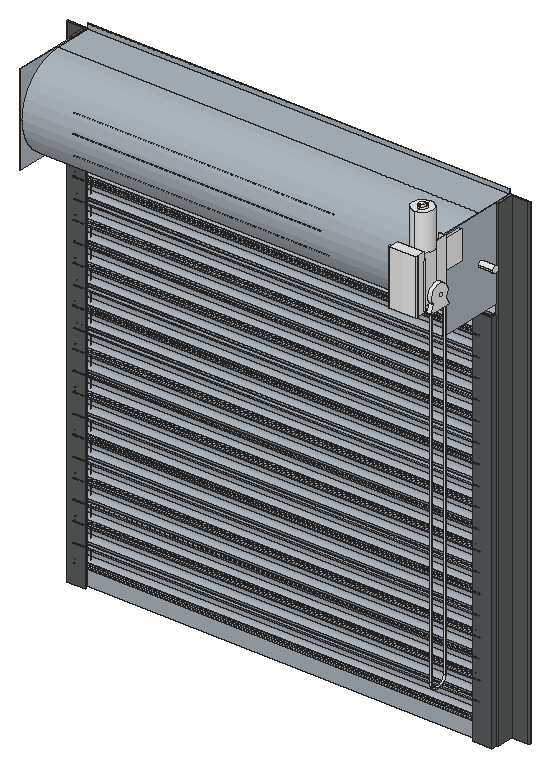
Revit family "Doors_Industrial_Wayne-Dalton_Tornado-Resistant-Shelter-Door-800F_", category Specialty Equipment, host Wall, Revit 2019
Family settings
  Host = Wall
  Round Connector Dimension = Use Diameter
  Part Type = Normal
  OmniClass Number = 23.30.10.21.34
  OmniClass Title = Industrial Doors
  Always vertical = Yes
  Cut with Voids When Loaded = Yes
  Shared = No
  Room Calculation Point = No
Parameters (values of type "115 volts, one phase, 60 Hz (110-120V range)")
  Warning Sign [instance] = if(Calculated Area > 683.00 SF, 1 = 1, 1 = 2)  # no
  Warning (Note) [instance] = if(Warning Sign, "The Door Area is out of the limit; please adjust accordingly. The maximum allowed area is 683 sq. ft.", if(Opening Height > 360", "Headroom Clearance Dimensions - out of the limits. Consult Factory", " "))  # " "
  Wall Thickness [instance] = 6"
  Voltage = 115 V
  True Opening Width [instance] = Clear Width  # 120"
  True Opening Height [instance] = Clear Height  # 120"
  Slat Type [instance] = "6” Curved Slat"  # constant formula
  Slat Material [instance] = Steel - Wayne Dalton - Gray
  Slat Length [instance] = Clear Width + G Value * 2 - 1" / 2 * 2  # 131"
  Slat Height [instance] = 17 251/256"  # constant formula
  Slat [instance] = 1  # constant formula
  Product Page URL = "https://www.wayne-dalton.com/commercial/detail/rolling-storm-shelter-doors"
  Power Factor = 1
  Powder Coat (Note) = "Wayne Dalton also offers approximately 200 RAL powder coat options to complement the exterior colors of a building."  # constant formula
  Opening Width Real [instance] = if(Opening Width > Max Opening Width, Max Opening Width, if(Opening Width < Min Opening Width, Min Opening Width, Opening Width))  # 120"
  Opening Width [instance] = 120"
  Opening Height Real [instance] = if(Opening Height > Max Opening Height, Max Opening Height, if(Opening Height < Min Opening Height, Min Opening Height, Opening Height))  # 120"
  Opening Height [instance] = 120"
  One Array element [instance] = not(Array Vis)  # no
  Number of Poles = 1
  Motor Type [instance] = if(Motor Option < 2, "GCL-GH Front of Hood", if(Motor Option = 2, "GCL-GH Top of Hood", if(Motor Option = 3, "GCL-GH Wall Mount", "GCL-GH Bench Mount")))  # "GCL-GH Front of Hood"
  Motor Selection (Note) [instance] = "Generic operator shown. Contact Wayne Dalton when dimensions are critical. "  # constant formula
  Motor Position [instance] = M Value - G Value  # 6"
  Motor Option Real [instance] = if(Motor Option < 1, 1, if(Motor Option > 4, 4, Motor Option))  # 1
  Motor Option [instance] = 1
  Min Opening Width [instance] = 60"  # constant formula
  Min Opening Height [instance] = 60"  # constant formula
  Max Opening Width [instance] = 192"  # constant formula
  Max Opening Height [instance] = 192"  # constant formula
  M Value [instance] = if(Guide Option < 2, 12", 6 1/2")  # 12"
  Lookup BD [instance] = if(True Opening Height = 60", 20", if(or(True Opening Height = 84", True Opening Height < 84"), 22", if(or(True Opening Height = 108", True Opening Height < 108"), 24", if(or(True Opening Height = 132", True Opening Height < 132"), 26", if(or(True Opening Height = 156", True Opening Height < 156"), 28", if(or(True Opening Height = 180", True Opening Height < 180"), 30", 32"))))))  # 26"
  Jambs Offset [instance] = 0"  # constant formula
  Installation Real [instance] = Wall Thickness  # 6"
  Hood Type [instance] = "Round Hood"  # constant formula
  Hood Offset [instance] = 3"  # constant formula
  Hood Material [instance] = Metal - Wayne Dalton - Gray
  Hood Height [instance] = Headroom Height Real - Hood Offset  # 28"
  Lookup HH [instance] = if(True Opening Height = 60", 22", if(or(True Opening Height = 84", True Opening Height < 84"), 24", if(or(True Opening Height = 108", True Opening Height < 108"), 26", if(or(True Opening Height = 132", True Opening Height < 132"), 28", if(or(True Opening Height = 156", True Opening Height < 156"), 30", if(or(True Opening Height = 180", True Opening Height < 180"), 32", 34"))))))  # 28"
  Headroom Height Real [instance] = Lookup HH + 3"  # 31"
  Headroom Height [instance] = Headroom Height Real + 1 1/2"  # 32 1/2"
  Guide Type [instance] = if(Guide Option < 2, "Angled Z Guide", "Angled E Guide")  # "Angled Z Guide"
  Guide Option [instance] = 1
  Guid Depth [instance] = D Value  # 7 3/4"
  G Value [instance] = 6"  # constant formula
  Frequency = 60 Hz
  Face of Wall Offset [instance] = 5"  # constant formula
  Face Of Wall Mounting [instance] = 1 = 1  # yes
  Door Width True [instance] = Clear Width + M Value * 2  # 144"
  Door Width (Real) [instance] = Clear Width + 1" / 2  # 120 1/2"
  Door Height True [instance] = Clear Width + Headroom Height  # 152 1/2"
  Door Height (Real) [instance] = Clear Height + Hood Offset  # 123"
  URL = "https://www.wayne-dalton.com/"
  Product data url = "https://www.bimobject.com/wayne-dalton/product/Rolling-Steel-Storm-Shelter-Doors-800F-800FR-800FE"
  Product Guid = "a04ebdf7-09ea-4b46-b3cc-19d8dcdac487"
  Model = "800F"  # constant formula
  Manufacturer = "Wayne Dalton"  # constant formula
  Wall Closure = By host
  Floor To (CL) of Shaft [instance] = Clear Height + Hood Height / 2 + Hood Offset  # 137"
  Finish Material = Finish - Wayne Dalton - Black
  Description = "Model 800F Rolling Steel Storm Shelter Door Tested +/-300PSF (ICC-500/FEMA 361), Tornado +/- 250PSF (ICC-500/FEMA 361), Hurricane+/-200PSF (ICC-500/FEMA 361)"  # constant formula
  D Value [instance] = 7 3/4"  # constant formula
  Clear Width [instance] = Opening Width Real  # 120"
  Clear Height [instance] = Opening Height Real  # 120"
  Current = 20 A
  Connector Array Distance = 0"  # constant formula
  Bar [instance] = 1 = 1  # yes
  Backroom Depth [instance] = Lookup BD  # 26"
  BJ Opening Cut [instance] = 0"  # constant formula
  BJ Displacement Real [instance] = 0"  # constant formula
  Array Vis [instance] = if(Array < 2, 1 = 2, 1 = 1)  # yes
  Array Real [instance] = if(Array < 2, 2, Array)  # 7
  Array Length [instance] = (Array) * Slat Height  # 125 221/256"
  Array [instance] = rounddown(([Door Height (Real)] - 5 11/256") / Slat Height) + 1  # 7
  Calculated Area [instance] = [Door Width (Real)] * [Door Height (Real)]  # 102.927 SF
  Apparent Load Phase 3 = if(Number of Poles = 1, 0 VA, (Voltage * Current * sqrt(3)) / 3)  # 0 VA
  Apparent Load Phase 2 = if(Number of Poles = 1, 0 VA, (Voltage * Current * sqrt(3)) / 3)  # 0 VA
  Apparent Load Phase 1 = if(Number of Poles = 1, Voltage * Current, (Voltage * Current * sqrt(3)) / 3)  # 2300 VA
Reference planes (in)
  plane 1 "Center (Front/Back)": y = -14.625
  plane 2 "Center (Left/Right)": x = 0
  plane 3 "Left": x = -60
  plane 4 "Right": x = 60
  plane 5 "Exterior": y = -8.625
  plane 6 "Interior": y = -14.625
  plane 7: x = 72
  plane 8: x = -72
  plane 9: z = 120
  plane 10 "Main": y = -21.73437
  plane 11 "Backroom Depth": y = -32.125
  plane 12 "Main Door Block": y = -6.125
  plane 13 "Bottom Bar": z = 5.04124
  plane 14: y = -22.375
  plane 15: z = 130.90452
  plane 16: z = 151
  plane 17: z = 123
  plane 18: z = 152.5
  plane 19: z = 0
  plane 20: z = 60
  plane 21: y = -20.90625
  plane 22: y = 18.375
  plane 23: y = -41.625
  plane 24 "Headroom Top": z = 152.5
  plane 25: z = 137
  plane 26: x = 66
  plane 27: x = -66
  plane 28: z = 112.92405
Forms (in)
  Extrusion 1, void
    sketch origin (0, -6.125, 0) x (0, 0, -1) y (-1, 0, 0)
      loop
        line (-120, 60) -> (-120, -60) -> (0, -60) -> (0, 60) -> (-120, 60)
    from -8.5 to -2.5
  Extrusion 2, solid, material "Metal - Wayne Dalton - Gray" <- "Hood Material", visible <- "Bar"
    sketch origin (0, 0, 0) x (0, 1, 0) y (0, 0, 1)
      loop
        line (-14.875, 151) -> (-14.625, 151) -> (-14.625, 152.5) -> (-14.875, 152.5) -> (-14.875, 151)
    from -65.625 to 65.625
Lines and regions (in)
  symbolic lines, visible <- "Bar"
    curve 1: line (65.625, -14.625, 0) -> (-65.625, -14.625, 0)
    curve 2: line (-65.625, -14.875, 0) -> (65.625, -14.875, 0)
Text (in)
  text "Exterior" at (-74.96733, 27.31104, 0), in view "Ref. Level"
  text "Interior" at (-74.96733, -25.14366, 0), in view "Ref. Level"
  text "Exterior" at (0, 40.15149, 123.01588), in view "Right"
  text "Interior" at (0, -64.39139, 123.01588), in view "Right"
  text "Interior" at (0, -31.01599, 123.00693), in view "Left"
  text "Exterior" at (0, 54.57065, 123.00693), in view "Left"
Dimensions and locks (in)
  equal spacing: plane 3 "Left", plane 2 "Center (Left/Right)", plane 4 "Right"
  "Clear Width": plane 3 "Left" to plane 4 "Right"
  level to host wall = 459.59655"
  "Clear Height": level to plane 9
  plane 7 to plane 8 = 144"
  equal spacing: plane 7, plane 2 "Center (Left/Right)", plane 8
  locked: plane 13 "Bottom Bar" to level at 5.04124
  "Door Width True": plane 7 to plane 8
  locked: plane 14 to plane 10 "Main" at 0.64063
  "Array Length": plane 15 to plane 13 "Bottom Bar"
  "Backroom Depth": plane 11 "Backroom Depth" to plane 12 "Main Door Block"
  "Hood Height": plane 16 to plane 17
  locked: plane 18 to plane 16 at 1.5
  locked: Extrusion 2 sketch curve to Extrusion 2 sketch curve at 0.25
  "Installation Real": plane 1 "Center (Front/Back)" to plane 5 "Exterior"
  "Wall Thickness": host wall to host wall
  equal spacing: plane 9, plane 20, plane 19
  locked: plane 10 "Main" to plane 21 at 0.82812
  equal spacing: plane 22, host wall, plane 23
  locked: plane 22 to plane 23 at 60
  "BJ Opening Cut": Extrusion 1 sketch curve to plane 9
  locked: Extrusion 2 sketch curve to Extrusion 2 sketch curve at 1.5
  "Hood Offset": plane 17 to plane 9
  "Headroom Height": plane 24 "Headroom Top" to plane 9
  "Floor To (CL) of Shaft": plane 25 to level
  "Jambs Offset": plane 4 "Right" to Extrusion 1 sketch curve
  "Jambs Offset": Extrusion 1 sketch curve to plane 3 "Left"
  "Motor Position": plane 7 to plane 26
  "Motor Position": plane 27 to plane 8
  locked: plane 27 to Extrusion 2 at 0.375
  locked: Extrusion 2 to plane 26 at 0.375
  "Guid Depth": plane 14 to plane 1 "Center (Front/Back)"
  "Slat Height": plane 15 to plane 28
  equal spacing: group 1, group 3, group 4, group 5, group 6, group 7, group 2  (x3)
  aligned and locked: plane 5 "Exterior" to host wall
  aligned and locked: host wall to plane 6 "Interior"
  aligned and locked: level to Extrusion 1 sketch curve
  aligned and locked: Extrusion 1 to plane 5 "Exterior"
  aligned and locked: plane 6 "Interior" to Extrusion 1
  aligned and locked: nested 1 to plane 2 "Center (Left/Right)"
  aligned and locked: plane 16 to nested 2
  aligned and locked: nested 1 to level
  aligned and locked: Extrusion 2 sketch curve to plane 18
  aligned and locked: Extrusion 2 sketch curve to plane 6 "Interior"
  aligned and locked: curve 1 to Extrusion 2  (x2)
  aligned and locked: curve 2 to Extrusion 2  (x2)
  aligned and locked: Extrusion 2 to curve 2
  aligned and locked: nested 2 to plane 5 "Exterior"
  aligned and locked: level to plane 19
  aligned and locked: nested 1 to plane 1 "Center (Front/Back)"
  aligned and locked: plane 2 "Center (Left/Right)" to nested 3
  aligned and locked: nested 3 to plane 22
  aligned and locked: plane 23 to nested 4
  aligned and locked: nested 4 to plane 2 "Center (Left/Right)"
  aligned and locked: nested 5 to plane 20
  aligned and locked: plane 2 "Center (Left/Right)" to nested 5
  aligned and locked: nested 2 to plane 26
  aligned and locked: plane 13 "Bottom Bar" to nested 6
  aligned and locked: plane 28 to nested 8
  aligned and locked: nested 8 to plane 21
  aligned and locked: plane 21 to nested 6
  aligned and locked: plane 13 "Bottom Bar" to nested 7
  aligned and locked: plane 21 to nested 7
  aligned and locked: nested 5 to plane 21
Automatic sketch dimensions
  curve 1 to curve 2 = 0"
Nested families (in)
  nested 1: "Lifts" at (0, -14.625, 0), type "Frame Unit"
    with Round Hood yes
  nested 2: "Motor" at (64.56, -48.505, 135.25), type "Trolley Motor"
    with Wall Mount RSX no, Horizontal Mount 7.88", Vertical Mount 15 3/4", Motor Option 1, Hood Width Real 26", Hood Mount 0.37", Face+Top yes, Face Mount RSX yes, Face + Top + Bench yes
  nested 3: "Label Annotation 1" at (0, 18.375, 0), visible <- "Warning Sign", type "Label Annotation 1"
  nested 4: "Label Annotation 1" at (0, -41.625, 0) x (-1, 0, 0) z (0, 0, 1), visible <- "Warning Sign", type "Label Annotation 1"
  nested 5: "Warning Sign" at (0, -20.90625, 60), visible <- "Warning Sign", type "Warning Sign"
    with Warning Sign no
  nested 6: "610F" at (0, -20.90625, 5.04124), Opening Width <- "Slat Length", visible <- "Array Vis", type "Standard - Gray"
    with Slat Width 1.438", Slat Position 17.979", Opening Width 131"
  nested 7: "610F" at (0, -20.90625, 5.04124), visible <- "One Array element", Opening Width <- "Slat Length", type "Standard - Gray"
    with Slat Width 1.438", Slat Position 17.979", Opening Width 131"
  nested 8: "610F" at (0, -20.90625, 112.92405), Opening Width <- "Slat Length", visible <- "Array Vis", type "Standard - Gray"
    with Slat Width 1.438", Slat Position 17.979", Opening Width 131"
  nested 9: "610F" at (0, -20.90625, 23.02171), Opening Width <- "Slat Length", visible <- "Array Vis", type "Standard - Gray"
    with Slat Width 1.438", Slat Position 17.979", Opening Width 131"
  nested 10: "610F" at (0, -20.90625, 41.00218), Opening Width <- "Slat Length", visible <- "Array Vis", type "Standard - Gray"
    with Slat Width 1.438", Slat Position 17.979", Opening Width 131"
  nested 11: "610F" at (0, -20.90625, 58.98265), Opening Width <- "Slat Length", visible <- "Array Vis", type "Standard - Gray"
    with Slat Width 1.438", Slat Position 17.979", Opening Width 131"
  nested 12: "610F" at (0, -20.90625, 76.96311), Opening Width <- "Slat Length", visible <- "Array Vis", type "Standard - Gray"
    with Slat Width 1.438", Slat Position 17.979", Opening Width 131"
  nested 13: "610F" at (0, -20.90625, 94.94358), Opening Width <- "Slat Length", visible <- "Array Vis", type "Standard - Gray"
    with Slat Width 1.438", Slat Position 17.979", Opening Width 131"
Connectors (in)
  electrical at (67.548, -46.92906, 143.05), driven by "Apparent Load Phase 1", driven by "Power Factor", driven by "Voltage", driven by "Apparent Load Phase 2", driven by "Apparent Load Phase 3", driven by "Number of Poles"
    settings: on nested 2, index 1, voltage 115 V, apparent load 0 VA, apparent load phase1 2300 VA, apparent load phase2 0 VA, apparent load phase3 0 VA, power factor 1, load classification "Other", number of poles 1, system type 31, power factor state 1, is connector primary yes, connector utility no, sub classification motor no, connector description "Electrical Connector"
Definition of nested family "Lifts"
  Parameters (values of type "Frame Unit")
    Void Height = if(Guide Option < 2, 0", Headroom Height Real)  # 0"
    True Width = Opening Width + 1/2"  # 120 1/2"
    Rounding 2 = Guide Thickness 2 - 0.031"  # 0.469"
    Rounding 1 = Guide Thickness 1 - 0.031"  # 0.344"
    Round Hood [instance] = 1 = 1  # yes
    Rough Width = 0"
    Rough Height = 0"
    Main Bracket Profile Height = 5" + 1 3/4"  # 6 3/4"
    M Value = 13"
    Inner Profile Height = 4"  # constant formula
    Hood Offset = 3"
    Hood Height = Headroom Height Real - Hood Offset  # 28"
    Headroom Height Real = Headroom Height  # 31"
    Half Hood Height = Headroom Height - Hood Offset  # 28"
    Guide Thickness 2 = 1/2"  # constant formula
    Guide Thickness 1 = 3/8"  # constant formula
    G Value = 6"
    E Guide Width = if(Guide Option < 2, 6", 6")  # 6"
    E Guide Height = 6"  # constant formula
    Z Guide = if(Guide Option < 2, 1 = 1, 1 = 2)  # yes
    Slat Material = none
    Shaft Offset = (Header Width - (Header Width - Hood Height)) / 2  # 14"
    Shaft Material = none
    Shaft Length 2 = G Value + 4 3/4"  # 10 3/4"
    Shaft Length 1 = G Value + 4 3/4"  # 10 3/4"
    Setback = 1/4"  # constant formula
    Radius Hood = Shaft Offset  # 14"
    Opening Width = 120"
    Hood Material = none
    Headroom Height = 31"
    Header Width = 26"
    Opening Height = 120"
    Guide Type = if(Guide Option = 1, "Angled Z Guide", "Angled E Guide")  # "Angled Z Guide"
    Guide Option = 1
    Guide Offset = BJ Displacement + G Value  # 6"
    Guide Z Wide = if(Guide Option < 2, M Value - G Value, 6")  # 7"
    Guide Z Height = 6"  # constant formula
    Floor To (CL) of Shaft = 137"
    Finish Material = none
    Face to Wall Mount = not(Between Jambs)  # yes
    E Guide = not(Z Guide)  # no
    D Value = 7 3/4"
    Between Jambs = 1 = 2  # no
    BJ Position = 0"  # constant formula
    BJ Displacement = if(Guide Option < 2, 0", Guide Thickness 2)  # 0"
    BJ Connection Length = 1 / 3 * BJ Displacement  # 0"
    Angled Guide = 1 = 1  # yes
  Reference planes (in)
    plane 1 "Center (Front/Back)": y = 0
    plane 2: z = 0
    plane 3 "Center (Left/Right)": x = 0
    plane 4 "Opening Height": z = 120
    plane 5: x = -70.75
    plane 6: x = 70.75
    plane 7: z = 151
    plane 8: y = 26
    plane 9 "Real Opening 2": x = -60
    plane 10 "Real Opening 1": x = 60
    plane 11: z = 123
    plane 12 "Main": y = 0
    plane 13: z = 137
    plane 14: y = 12
    plane 15: x = 66
    plane 16: x = -66
    plane 17: x = -66
    plane 18: x = 66
    plane 19: y = 7.75
    plane 20: x = -65.625
    plane 21: x = 65.625
    plane 22: z = 152.5
    plane 23: y = 7.75
    plane 24: y = 5.75
    plane 25: y = 7.75
    plane 26: y = 5.75
  Forms (in)
    Extrusion 1, solid, material <- "Slat Material"
      sketch origin (0, 0, 0) x (0, 1, 0) y (0, 0, 1)
        loop
          line (6.25, 4.72874) -> (6.25, 5.35374) -> (5.25, 5.35374) -> (5.25, 4.72874) -> (6.25, 4.72874)
      from -65.625 to 65.625
    Extrusion 2, solid, material <- "Slat Material"
      sketch origin (0, 0, 0) x (0, 1, 0) y (0, 0, 1)
        loop
          line (6.25, 4.72874) -> (5.25, 4.72874) -> (5.25, 0) -> (6.25, 0) -> (6.25, 4.72874)
      from -65.625 to 65.625
    Extrusion 3, solid, material <- "Shaft Material"
      sketch origin (0, -5.35201, 0) x (0, 1, 0) y (0, 0, 1)
        loop
          circle (17.35201, 137) r 1
      from -70.75 to 70.75
    Extrusion 4, solid, material <- "Hood Material", visible <- "Round Hood"
      sketch origin (0, 0, 0) x (0, 1, 0) y (0, 0, 1)
        loop
          line (0, 151) -> (0, 123) -> (12, 123)
          arc (12, 123) -> (26, 137) -> (12, 151) r 14
          line (12, 151) -> (0, 151)
      from -65.625 to 65.625
    Extrusion 5, solid, material <- "Finish Material", visible <- "E Guide"
      sketch origin (0, 0, 0) x (1, 0, 0) y (0, 1, 0)
        loop
          line (60, 0) -> (66, 0) -> (66, 6) -> (65.969, 6)
          arc (65.969, 6) -> (65.63737, 5.86263) -> (65.5, 5.531) r 0.469
          line (65.5, 5.531) -> (65.5, 0.5) -> (60.469, 0.5)
          arc (60.469, 0.5) -> (60.13737, 0.36263) -> (60, 0.031) r 0.469
          line (60, 0.031) -> (60, 0)
        loop
          line (-60, 0) -> (-60, 0.031)
          arc (-60, 0.031) -> (-60.13737, 0.36263) -> (-60.469, 0.5) r 0.469
          line (-60.469, 0.5) -> (-65.5, 0.5) -> (-65.5, 5.531)
          arc (-65.5, 5.531) -> (-65.63737, 5.86263) -> (-65.969, 6) r 0.469
          line (-65.969, 6) -> (-66, 6) -> (-66, 0) -> (-60, 0)
      from 0 to 151
    Extrusion 6, solid, material <- "Finish Material", visible <- "Z Guide"
      sketch origin (0, 0, 0) x (1, 0, 0) y (0, 1, 0)
        loop
          line (73, 0) -> (73, 0.031)
          arc (73, 0.031) -> (72.86263, 0.36263) -> (72.531, 0.5) r 0.469
          line (72.531, 0.5) -> (66.5, 0.5) -> (66.5, 5.531)
          arc (66.5, 5.531) -> (66.36263, 5.86263) -> (66.031, 6) r 0.469
          line (66.031, 6) -> (66, 6) -> (66, 0) -> (73, 0)
        loop
          line (-73, 0) -> (-66, 0) -> (-66, 6) -> (-66.031, 6)
          arc (-66.031, 6) -> (-66.36263, 5.86263) -> (-66.5, 5.531) r 0.469
          line (-66.5, 5.531) -> (-66.5, 0.5) -> (-72.531, 0.5)
          arc (-72.531, 0.5) -> (-72.86263, 0.36263) -> (-73, 0.031) r 0.469
          line (-73, 0.031) -> (-73, 0)
      from 0 to 151
    Extrusion 7, solid, material <- "Finish Material", visible <- "Angled Guide"
      sketch origin (0, 0, 0) x (1, 0, 0) y (0, 1, 0)
        loop
          line (60.25, 7.75) -> (60.25, 7.719)
          arc (60.25, 7.719) -> (60.35076, 7.47576) -> (60.594, 7.375) r 0.344
          line (60.594, 7.375) -> (60.75, 7.375) -> (60.75, 6.625) -> (62.25, 6.625) -> (62.25, 7.375) -> (65.625, 7.375) -> (65.625, 4.125) -> (62.75, 4.125) -> (62.75, 4.875) -> (60.75, 4.875) -> (60.75, 4.094)
          arc (60.75, 4.094) -> (60.85076, 3.85076) -> (61.094, 3.75) r 0.344
          line (61.094, 3.75) -> (65.25, 3.75) -> (65.25, 1) -> (66, 1) -> (66, 7.75) -> (60.25, 7.75)
        loop
          line (-60.25, 7.75) -> (-66, 7.75) -> (-66, 1) -> (-65.25, 1) -> (-65.25, 3.75) -> (-61.094, 3.75)
          arc (-61.094, 3.75) -> (-60.85076, 3.85076) -> (-60.75, 4.094) r 0.344
          line (-60.75, 4.094) -> (-60.75, 4.875) -> (-62.75, 4.875) -> (-62.75, 4.125) -> (-65.625, 4.125) -> (-65.625, 7.375) -> (-62.25, 7.375) -> (-62.25, 6.625) -> (-60.75, 6.625) -> (-60.75, 7.375) -> (-60.594, 7.375)
          arc (-60.594, 7.375) -> (-60.35076, 7.47576) -> (-60.25, 7.719) r 0.344
          line (-60.25, 7.719) -> (-60.25, 7.75)
      from 0 to 120
    Extrusion 8, solid, material <- "Hood Material"
      sketch origin (0, 0, 0) x (-1, 0, 0) y (0, 0, 1)
        loop
          line (65.625, 123) -> (66, 123) -> (66, 151) -> (65.625, 151) -> (65.625, 123)
        loop
          line (-66, 123) -> (-65.625, 123) -> (-65.625, 151) -> (-66, 151) -> (-66, 123)
      from 0 to 26
    Extrusion 9, void
      sketch origin (0, -63.05955, 151) x (1, 0, 0) y (0, -1, 0)
        loop
          line (-66, -63.05955) -> (-66, -63.55955) -> (-60.469, -63.55955)
          arc (-60.469, -63.55955) -> (-60.13737, -63.42218) -> (-60, -63.09055) r 0.469
          line (-60, -63.09055) -> (-60, -63.05955) -> (-66, -63.05955)
        loop
          line (66, -63.05955) -> (60, -63.05955) -> (60, -63.09055)
          arc (60, -63.09055) -> (60.13737, -63.42218) -> (60.469, -63.55955) r 0.469
          line (60.469, -63.55955) -> (66, -63.55955) -> (66, -63.05955)
      from 0 <- "Void Height" to -1.5
  Cuts and joins
    Extrusion 9 cuts Extrusion 4
    Extrusion 9 cuts Extrusion 8
  Lines and regions (in)
    Masking region 1
      outline origin (0, 0, 0) x (1, 0, 0) y (0, 1, 0)
        loop
          line (70.75, 13) -> (66, 13) -> (66, 11) -> (70.75, 11) -> (70.75, 13)
        loop
          line (-70.75, 11) -> (-66, 11) -> (-66, 13) -> (-70.75, 13) -> (-70.75, 11)
    Masking region 2
      outline origin (0, 0, 0) x (1, 0, 0) y (0, 1, 0)
        loop
          line (-66, 26) -> (-66, 0) -> (66, 0) -> (66, 26) -> (-66, 26)
    Masking region 3, visible <- "Z Guide"
      outline origin (0, 0, 0) x (1, 0, 0) y (0, 1, 0)
        loop
          line (72.531, 0.5) -> (66.5, 0.5) -> (66.5, 5.531)
          arc (66.5, 5.531) -> (66.36263, 5.86263) -> (66.031, 6) r 0.469
          line (66.031, 6) -> (66, 6) -> (66, 0) -> (73, 0) -> (73, 0.031)
          arc (73, 0.031) -> (72.86263, 0.36263) -> (72.531, 0.5) r 0.469
        loop
          line (-66.5, 0.5) -> (-72.531, 0.5)
          arc (-72.531, 0.5) -> (-72.86263, 0.36263) -> (-73, 0.031) r 0.469
          line (-73, 0.031) -> (-73, 0) -> (-66, 0) -> (-66, 6) -> (-66.031, 6)
          arc (-66.031, 6) -> (-66.36263, 5.86263) -> (-66.5, 5.531) r 0.469
          line (-66.5, 5.531) -> (-66.5, 0.5)
    Masking region 4, visible <- "E Guide"
      outline origin (0, 0, 0) x (1, 0, 0) y (0, 1, 0)
        loop
          line (-66, 6) -> (-66, 0) -> (-60, 0) -> (-60, 0.031)
          arc (-60, 0.031) -> (-60.13737, 0.36263) -> (-60.469, 0.5) r 0.469
          line (-60.469, 0.5) -> (-65.5, 0.5) -> (-65.5, 5.531)
          arc (-65.5, 5.531) -> (-65.63737, 5.86263) -> (-65.969, 6) r 0.469
          line (-65.969, 6) -> (-66, 6)
        loop
          line (66, 0) -> (66, 6) -> (65.969, 6)
          arc (65.969, 6) -> (65.63737, 5.86263) -> (65.5, 5.531) r 0.469
          line (65.5, 5.531) -> (65.5, 0.5) -> (60.469, 0.5)
          arc (60.469, 0.5) -> (60.13737, 0.36263) -> (60, 0.031) r 0.469
          line (60, 0.031) -> (60, 0) -> (66, 0)
    symbolic lines
      curve 1: line (-65.625, 0, 0) -> (-65.625, 26, 0)
      curve 2: line (65.625, 26, 0) -> (65.625, 0, 0)
  Dimensions and locks (in)
    locked: Extrusion 1 sketch curve to level at 4.72874
    locked: Extrusion 1 sketch curve to Extrusion 1 sketch curve at 1
    Extrusion 2 sketch curve to level = 4.72874"
    "Headroom Height Real": plane 7 to plane 4 "Opening Height"
    plane 8 to plane 1 "Center (Front/Back)" = 26"
    "Radius Hood": Extrusion 4 sketch curve to plane 8
    "Opening Height": plane 4 "Opening Height" to level
    "Hood Offset": plane 11 to plane 4 "Opening Height"
    "BJ Position": plane 12 "Main" to plane 1 "Center (Front/Back)"
    "Header Width": plane 12 "Main" to plane 8
    "Floor To (CL) of Shaft": plane 13 to level
    "Shaft Offset": Extrusion 3 sketch curve to plane 8
    locked: Extrusion 2 sketch curve to Extrusion 2 sketch curve at 1
    "Shaft Offset": plane 8 to plane 14
    locked: Masking region 1 sketch curve to Masking region 1 sketch curve at 2
    locked: Masking region 1 sketch curve to plane 14 at 1
    "Guide Offset": plane 10 "Real Opening 1" to plane 15
    "Guide Offset": plane 16 to plane 9 "Real Opening 2"
    "Guide Thickness 2": Extrusion 5 sketch curve to Extrusion 5 sketch curve  (x4)
    "E Guide Height": Extrusion 5 sketch curve to Extrusion 5 sketch curve  (x2)
    "E Guide Width": Extrusion 5 sketch curve to Extrusion 5 sketch curve  (x2)
    "Guide Thickness 2": Extrusion 6 sketch curve to Extrusion 6 sketch curve  (x4)
    "Guide Z Wide": Extrusion 6 sketch curve to Extrusion 6 sketch curve  (x2)
    "Guide Z Height": Extrusion 6 sketch curve to Extrusion 6 sketch curve  (x2)
    "Guide Thickness 1": Extrusion 7 sketch curve to Extrusion 7 sketch curve  (x8)
    "Inner Profile Height": Extrusion 7 sketch curve to Extrusion 7 sketch curve  (x2)
    "Main Bracket Profile Height": Extrusion 7 sketch curve to Extrusion 7 sketch curve  (x2)
    "Setback": plane 10 "Real Opening 1" to Extrusion 7 sketch curve
    "Setback": Extrusion 7 sketch curve to plane 9 "Real Opening 2"
    equal spacing: plane 16, plane 3 "Center (Left/Right)", plane 15
    "G Value": Extrusion 6 sketch curve to plane 9 "Real Opening 2"
    "G Value": plane 10 "Real Opening 1" to Extrusion 6 sketch curve
    "G Value": plane 10 "Real Opening 1" to plane 18
    "G Value": plane 17 to plane 9 "Real Opening 2"
    "Shaft Length 1": plane 5 to plane 9 "Real Opening 2"
    "Shaft Length 2": plane 6 to plane 10 "Real Opening 1"
    Extrusion 2 to plane 18 = 3/8"
    Extrusion 2 to plane 17 = 3/8"
    plane 17 to plane 20 = 3/8"
    locked: plane 21 to plane 18 at 0.375
    equal spacing: plane 9 "Real Opening 2", plane 3 "Center (Left/Right)", plane 10 "Real Opening 1"
    "Opening Width": plane 9 "Real Opening 2" to plane 10 "Real Opening 1"
    locked: plane 22 to plane 7 at 1.5
    "D Value": plane 1 "Center (Front/Back)" to plane 19
    "D Value": plane 23 to plane 1 "Center (Front/Back)"
    plane 23 to plane 24 = 2"
    equal spacing: Extrusion 1 sketch curve, plane 24, Extrusion 1 sketch curve
    "D Value": plane 25 to plane 1 "Center (Front/Back)"
    locked: plane 25 to plane 26 at 2
    equal spacing: Extrusion 2 sketch curve, plane 26, Extrusion 2 sketch curve
    "G Value": plane 10 "Real Opening 1" to Extrusion 7 sketch curve
    "G Value": Extrusion 7 sketch curve to plane 9 "Real Opening 2"
    "Guide Thickness 2": Extrusion 7 sketch curve to Extrusion 7 sketch curve  (x4)
    locked: Extrusion 7 sketch curve to Extrusion 7 sketch curve at 1.5  (x2)
    locked: Extrusion 7 sketch curve to Extrusion 7 sketch curve at 0.75  (x2)
    locked: Extrusion 1 sketch curve to Extrusion 1 sketch curve at 0.625
    "E Guide Width": Extrusion 9 sketch curve to Extrusion 9 sketch curve  (x2)
    "Guide Thickness 2": Extrusion 9 sketch curve to Extrusion 9 sketch curve  (x2)
    "Rounding 2": radius of Extrusion 5 sketch curve  (x4)
    "Rounding 2": radius of Extrusion 6 sketch curve  (x4)
    "Rounding 1": radius of Extrusion 7 sketch curve  (x4)
    "Rounding 2": radius of Extrusion 9 sketch curve  (x2)
    aligned and locked: plane 2 to level
    aligned and locked: plane 5 to Extrusion 3
    aligned and locked: Extrusion 3 to plane 6
    aligned and locked: Extrusion 4 sketch curve to plane 7
    aligned and locked: plane 13 to Extrusion 3 sketch curve
    aligned and locked: plane 5 to Masking region 1 sketch curve
    aligned and locked: plane 6 to Masking region 1 sketch curve
    aligned and locked: Masking region 1 sketch curve to Masking region 1 sketch curve  (x2)
    aligned and locked: plane 12 "Main" to Extrusion 5 sketch curve  (x2)
    aligned and locked: Extrusion 5 sketch curve to plane 15
    aligned and locked: plane 16 to Extrusion 5 sketch curve
    aligned and locked: Extrusion 6 sketch curve to plane 1 "Center (Front/Back)"  (x2)
    aligned and locked: plane 19 to Extrusion 7 sketch curve
    aligned and locked: Extrusion 7 sketch curve to plane 19
    aligned and locked: plane 4 "Opening Height" to Extrusion 7
    aligned and locked: Extrusion 4 sketch curve to plane 12 "Main"
    aligned and locked: Extrusion 8 sketch curve to plane 11
    aligned and locked: Extrusion 8 sketch curve to plane 7
    aligned and locked: plane 17 to Extrusion 8 sketch curve
    aligned and locked: Extrusion 8 sketch curve to plane 18
    aligned and locked: plane 7 to Extrusion 8 sketch curve
    aligned and locked: plane 11 to Extrusion 8 sketch curve
    aligned and locked: Masking region 2 to curve 2  (x2)
    aligned and locked: Masking region 2 to curve 1  (x2)
    aligned and locked: Masking region 3 sketch curve to Extrusion 6  (x10)
    aligned and locked: Extrusion 6 to Masking region 3 sketch curve
    aligned and locked: Masking region 4 sketch curve to Extrusion 5  (x10)
    aligned and locked: Extrusion 8 to curve 1
    aligned and locked: Extrusion 8 to curve 2
    aligned and locked: Masking region 2 to plane 17
    aligned and locked: Masking region 2 to plane 18
    aligned and locked: plane 18 to Masking region 1 sketch curve
    aligned and locked: Masking region 1 sketch curve to plane 17
    aligned and locked: plane 20 to Extrusion 8 sketch curve
    aligned and locked: plane 21 to Extrusion 8 sketch curve
    aligned and locked: Extrusion 4 to plane 20
    aligned and locked: Extrusion 4 to plane 21
    aligned and locked: plane 8 to Extrusion 8
    aligned and locked: Extrusion 6 to plane 7
    aligned and locked: Extrusion 5 to plane 7
    aligned and locked: Extrusion 4 sketch curve to plane 11
    aligned and locked: Extrusion 7 sketch curve to Extrusion 7 sketch curve  (x6)
    aligned and locked: plane 16 to Extrusion 9 sketch curve
    aligned and locked: Extrusion 9 sketch curve to plane 12 "Main"  (x2)
    aligned and locked: Extrusion 9 sketch curve to plane 15
    aligned and locked: Extrusion 9 to plane 22
    aligned and locked: plane 20 to Extrusion 1
    aligned and locked: plane 20 to Extrusion 2
    aligned and locked: Extrusion 2 to plane 21
    aligned and locked: Extrusion 1 to plane 21
  Automatic sketch dimensions
    Masking region 2 sketch curve to plane 1 "Center (Front/Back)" = 0"
    Masking region 2 sketch curve to plane 17 = 0"
    Masking region 2 sketch curve to plane 18 = 0"
    Masking region 2 sketch curve to plane 8 = 0"
    Extrusion 2 sketch curve to level = 0"
    radius of Extrusion 3 sketch curve = 1"
Definition of nested family "Motor"
  Parameters (values of type "Trolley Motor")
    Wall Mount RSX = if(Chain Hoist, 1 = 2, if(Motor Option = 3, 1 = 1, 1 = 2))  # yes
    Top Mount RSX = if(Chain Hoist, 1 = 2, if(Motor Option = 2, 1 = 1, 1 = 2))  # no
    Shaft Material = none
    Real Exterior Wall Offset = if(Wall Mount RSX, Displacement, Exterior Wall Offset + if(and(BJ, Bench Mount RSX, Hood Width < 19 1/2"), 2.6", 0"))  # 6"
    Not Chain Hoist = not(Chain Hoist)  # yes
    Main Box Start = if(Bench Mount RSX, -15.05", -16.45")  # -16.45"
    Main Box End = if(Bench Mount RSX, -0.55", -1.95")  # -1.95"
    Horizontal Mount = if(Face Mount RSX, 8" - 0.12", if(Top Mount RSX, 9 1/2", if(Wall Mount RSX, 7.38", if(Bench Mount RSX, 1.98" + 4", 0"))))  # 7.38"
    Vertical Mount = if(Face Mount RSX, 15 3/4", if(Top Mount RSX, 14.92" - 0.13" - 2.38" - 0.79", if(Wall Mount RSX, 20.03" + 6" + Hood Height / 2, if(Bench Mount RSX, Hood Height + Top Option Offset - 3.63" - 1/4", Hood Height))))  # 40.03"
    Motor Type = if(Motor Option < 2, "RHX Face Mount", if(Motor Option = 2, "RHX Top Mount", if(Motor Option = 3, "RHX Wall Mount", if(Motor Option = 4, "RHX Bench Mount", "Chain Hoist"))))  # "RHX Wall Mount"
    Motor Option = 3
    Main Material = none
    Hood Width Real = if(Wall Mount RSX, 0", if(Chain Hoist, if(Hood Height < Hood Width, (Hood Width + (Hood Width - Hood Height)) / 2, Hood Width / 2), Hood Width))  # 0"
    Hood Width = 26"
    Hood Height = 28"
    Hood Mount = if(or(Face Mount RSX, Top Mount RSX), 0.37", if(Wall Mount RSX, 11.62", if(Bench Mount RSX, 13" - 0.07", 4.26")))  # 11.62"
    Floor To Cl Shaft = 137"
    Top Option Offset = if(or(Top Mount RSX, Bench Mount RSX), 19 1/2", 0")  # 0"
    Face+Top = if(Chain Hoist, 1 = 2, if(or(Face Mount RSX, Top Mount RSX), 1 = 1, 1 = 2))  # no
    Face Mount RSX = if(Chain Hoist, 1 = 2, if(Motor Option < 2, 1 = 1, 1 = 2))  # no
    Face + Top + Wall = if(Chain Hoist, 1 = 2, if(or(Face Mount RSX, Top Mount RSX, Wall Mount RSX), 1 = 1, 1 = 2))  # yes
    Face + Top + Bench = if(Chain Hoist, 1 = 2, if(or(Face Mount RSX, Top Mount RSX, Bench Mount RSX), 1 = 1, 1 = 2))  # no
    Exterior Wall Offset = 6"
    Displacement = 6"
    Default Elevation = 48"
    Chain V Offset = if(or(Face Mount RSX, Wall Mount RSX), 3.63", if(or(Top Mount RSX, Bench Mount RSX), 18.3", Hood Height / 2))  # 3.63"
    Chain H Offset = if(or(Face Mount RSX, Wall Mount RSX), 1.19", if(Top Mount RSX, 3.6", if(Bench Mount RSX, 17" - 3.6", 0")))  # 1.19"
    Chain Hoist = 1 = 2  # no
    Bench Mount RSX = if(Chain Hoist, 1 = 2, if(Motor Option > 3, 1 = 1, 1 = 2))  # no
    Bench Angle = if(Bench Mount RSX, 270.00°, 90.00°)  # 90.00°
    BJ Displacement = 0"
    BJ = 1 = 2  # no
    Angle = if(or(Bench Mount RSX, Top Mount RSX), 90.00°, 180.00°)  # 180.00°
  Reference planes (in)
    plane 1 "Center (Front/Back)": y = 0
    plane 2: z = 0
    plane 3 "Center (Left/Right)": x = 0
    plane 4: y = 0
    plane 5: y = 1.19
    plane 6: z = -133.37
    plane 7: z = -103.37
    plane 8: z = 3.63
    plane 9 "Chain Hoist": z = 3.63
    plane 10 "Top Of Hood": z = 40.03
    plane 11: y = 7.38
    plane 12: z = 0
    plane 13 "Hood Face": x = -9.81
    plane 14: x = 1.81
    plane 15: y = 7.38
    plane 16 "Wall": y = 13.38
    plane 17: z = -0.6502
    plane 18: z = 12.03
    plane 19: z = 26.03
  Forms (in)
    Extrusion 1, solid, material <- "Main Material", visible <- "Not Chain Hoist"
      sketch origin (0, 0, 17) x (1, 0, 0) y (0, 1, 0)
        loop
          line (-4.134, -3.3458) -> (4.116, -3.3458) -> (4.116, -3.2262) -> (3.108, -3.2262)
          arc (3.108, -3.2262) -> (3.02315, -3.19105) -> (2.988, -3.1062) r 0.12
          line (2.988, -3.1062) -> (2.988, 6.25807) -> (-2.988, 6.25807) -> (-2.988, -3.1062)
          arc (-2.988, -3.1062) -> (-3.02315, -3.19105) -> (-3.108, -3.2262) r 0.12
          line (-3.108, -3.2262) -> (-4.134, -3.2262) -> (-4.134, -3.3458)
      from -16.45 <- "Main Box Start" to -1.95 <- "Main Box End"
    Extrusion 2, solid, material <- "Main Material", visible <- "Not Chain Hoist"
      sketch origin (0, 0, 17) x (1, 0, 0) y (0, 1, 0)
        loop
          line (-4.134, -3.3458) -> (-4.134, -5.98838) -> (-4.3324, -5.98838) -> (-4.3324, -6.24492)
          arc (-4.3324, -6.24492) -> (-4.24466, -6.48358) -> (-4.02324, -6.60858) r 0.36846
          arc (-4.02324, -6.60858) -> (0, -6.93443) -> (4.02324, -6.60858) r 25
          arc (4.02324, -6.60858) -> (4.24466, -6.48358) -> (4.3324, -6.24492) r 0.36846
          line (4.3324, -6.24492) -> (4.3324, -5.98838) -> (4.116, -5.98838) -> (4.116, -3.3458) -> (-4.134, -3.3458)
      from -17 to 0
    Extrusion 3, solid, material <- "Main Material"
      sketch origin (-2.9045, 0.00141, 3.59957) x (0, 0, 1) y (0, -1, 0)
        loop
          arc (-1.81556, -3.55341) -> (3.03043, -1.18859) -> (-1.81556, 1.17622) r 3
          line (-1.81556, 1.17622) -> (-3.99826, 2.43641) -> (-4.24977, 2.43641) -> (-4.24977, -4.81359) -> (-3.99826, -4.81359) -> (-1.81556, -3.55341)
      from 8.25 to 7
    Sweep 4, solid, material <- "Main Material"
      path origin (4.73025, 9.53, 48) x (0, 1, 0) y (0, 0, 1)
        loop
          line (-11.34, -48.6502) -> (-11.34, -151.37)
          arc (-11.34, -151.37) -> (-8.34, -154.37) -> (-5.34, -151.37) r 3
          line (-5.34, -151.37) -> (-5.34, -48.6502)
      profile origin (4.73025, -1.81, -52.0101) x (1, 0, 0) y (0, 1, 0)
        loop
          circle (0, 0.25) r 0.25
    Extrusion 5, solid, material <- "Main Material"
      sketch origin (0, 0.00141, 3.59957) x (0, 0, 1) y (0, -1, 0)
        loop
          circle (0.03043, -1.18859) r 0.4
      from 5.69 to -8.935
    Extrusion 6, solid, material <- "Main Material", visible <- "Face+Top"
      sketch origin (0, 0, 17) x (1, 0, 0) y (0, 1, 0)
        loop
          line (1.81, 6.37807) -> (1.81, 14.13) -> (1.69, 14.13) -> (1.69, 6.49807) -> (-2.988, 6.49807) -> (-2.988, 6.37807) -> (1.81, 6.37807)
      from -11 to -2
    Extrusion 7, solid, material <- "Main Material", visible <- "Face + Top + Bench"
      sketch origin (0.25, 0, 17) x (1, 0, 0) y (0, 1, 0)
        loop
          line (-3.358, 6.37807) -> (-3.358, 2.75807) -> (-3.238, 2.75807) -> (-3.238, 6.25807) -> (-1.238, 6.25807) -> (-1.238, 6.37807) -> (-3.358, 6.37807)
        loop
          line (2.858, 6.37807) -> (0.738, 6.37807) -> (0.738, 6.25807) -> (2.738, 6.25807) -> (2.738, 2.75807) -> (2.858, 2.75807) -> (2.858, 6.37807)
      from -16.45 to 0
    Extrusion 8, solid, material <- "Main Material", visible <- "Face+Top"
      sketch origin (0, 0, 0) x (0, 0, 1) y (0, -1, 0)
        loop
          line (15.5, -8.13) -> (6.5, -8.13) -> (6.5, -13.13) -> (15.5, -13.13) -> (15.5, -8.13)
      from 1.44 to 1.69
    Extrusion 9, solid, material <- "Main Material", visible <- "Bench Mount RSX"
      sketch origin (0, 0, 17) x (1, 0, 0) y (0, 1, 0)
        loop
          line (-10.878, 6.37807) -> (3.108, 6.37807) -> (3.108, 6.49807) -> (-11, 6.49807) -> (-11, -1.36693) -> (-10.878, -1.36693) -> (-10.878, 6.37807)
      from -15.02 to -0.55
    Extrusion 10, solid, material <- "Main Material", visible <- "Bench Mount RSX"
      sketch origin (0, 0, 0) x (0, 0, 1) y (0, -1, 0)
        loop
          line (1.98, 1.36693) -> (1.98, -3.63307) -> (10.98, -3.63307) -> (10.98, 1.36693) -> (1.98, 1.36693)
      from -11.12 to -11
    Revolve 11, solid, material <- "Main Material"
      sketch origin (0, 1.2242, 8.5) x (0, 1, 0) y (0, 0, 1)
        loop
          line (-3.22, 6.55) -> (0, 6.55) -> (0, 18.5) -> (-0.85, 18.5) -> (-0.85, 18.1) -> (-1.28, 18.1) -> (-1.28, 17.72) -> (-3.22, 17.72) -> (-3.22, 6.55)
        axis (0, 6.55) -> (0, 18.5)
      angle from 0 to 360
    Extrusion 12, solid, material <- "Main Material", visible <- "Wall Mount RSX"
      sketch origin (0, 0, 17) x (1, 0, 0) y (0, 1, 0)
        loop
          line (4.988, 6.38307) -> (2.988, 6.38307) -> (2.988, 7.38) -> (-2.988, 7.38) -> (-2.988, 6.38307) -> (-4.988, 6.38307) -> (-4.988, 6.25807) -> (4.988, 6.25807) -> (4.988, 6.38307)
      from -11.56 to 0
  Lines and regions (in)
    reference lines
      curve 1: line (0, 0, 0) -> (0, 0, 17)
      curve 2: line (0, 0, 17) -> (0, 1.2242, 17)
      curve 3: line (0, 1.2242, 17) -> (0, 1.2242, 8.5)
      curve 4: line (0, 1.2242, 8.5) -> (0, 2.2242, 8.5)
  Dimensions and locks (in)
    "Chain H Offset": plane 4 to plane 5
    locked: plane 7 to plane 6 at 30
    locked: Sweep 4 sketch curve to profile plane at 0
    locked: profile plane to Sweep 4 sketch curve at 0.25
    locked: Sweep 4 sketch curve to Sweep 4 sketch curve at 6
    "Floor To Cl Shaft": plane 8 to plane 6
    "Horizontal Mount": plane 1 "Center (Front/Back)" to plane 11
    locked: Extrusion 7 sketch curve to Extrusion 7 sketch curve at 3.62
    locked: Extrusion 7 sketch curve to Extrusion 7 sketch curve at 0.12  (x3)
    "Top Option Offset": level to plane 12
    "Chain V Offset": plane 9 "Chain Hoist" to plane 12
    equal spacing: Sweep 4 sketch curve, plane 5, Sweep 4 sketch curve
    "Vertical Mount": plane 10 "Top Of Hood" to plane 12
    locked: Extrusion 2 sketch curve to Extrusion 2 sketch curve at 8.25
    locked: Extrusion 2 sketch curve to Extrusion 2 sketch curve at 2.64258
    locked: plane 3 "Center (Left/Right)" to plane 14 at 1.81
    "Hood Mount": plane 13 "Hood Face" to plane 14
    locked: Extrusion 6 sketch curve to Extrusion 6 sketch curve at 0.12  (x2)
    locked: Extrusion 6 sketch curve to curve 1 at 6.37807
    "Hood Width Real": plane 11 to plane 15
    "Real Exterior Wall Offset": plane 15 to plane 16 "Wall"
    locked: Extrusion 6 sketch curve to Extrusion 6 sketch curve at 7.63193
    locked: Extrusion 1 sketch curve to Extrusion 1 sketch curve at 0.1196
    locked: Extrusion 1 sketch curve to Extrusion 1 sketch curve at 5.976
    equal spacing: Extrusion 1 sketch curve, curve 1, Extrusion 1 sketch curve
    locked: curve 1 to Extrusion 1 sketch curve at 3.3458
    locked: Extrusion 1 sketch curve to Extrusion 1 sketch curve at 9.60387
    locked: Extrusion 7 sketch curve to curve 1 at 2.75807
    locked: Extrusion 8 sketch curve to Extrusion 8 sketch curve at 5
    locked: Extrusion 8 sketch curve to Extrusion 8 sketch curve at 9
    locked: Extrusion 8 sketch curve to curve 1 at 13.13
    locked: Extrusion 8 sketch curve to curve 1 at 6.5
    locked: Extrusion 7 sketch curve to plane 3 "Center (Left/Right)" at 2.988
    locked: plane 3 "Center (Left/Right)" to Extrusion 7 sketch curve at 3.108
    locked: Extrusion 6 sketch curve to Extrusion 6 sketch curve at 4.798
    locked: curve 1 to Extrusion 6 sketch curve at 1.81
    locked: Extrusion 1 sketch curve to Extrusion 1 sketch curve at 1.128
    locked: Extrusion 1 sketch curve to Extrusion 1 sketch curve at 1.146
    locked: curve 1 to Extrusion 2 sketch curve at 3.3458
    locked: Extrusion 9 sketch curve to Extrusion 9 sketch curve at 0.122
    locked: Extrusion 9 sketch curve to Extrusion 9 sketch curve at 0.12
    locked: Extrusion 9 sketch curve to curve 1 at 10.878
    locked: Extrusion 9 sketch curve to curve 1 at 6.37807
    locked: Extrusion 9 sketch curve to Extrusion 9 sketch curve at 13.986
    Extrusion 9 sketch curve to Extrusion 9 sketch curve = 7.865"
    locked: Extrusion 10 sketch curve to Extrusion 10 sketch curve at 5
    locked: Extrusion 10 sketch curve to curve 1 at 1.36693
    locked: Extrusion 10 sketch curve to Extrusion 10 sketch curve at 9
    locked: Extrusion 10 sketch curve to curve 1 at 15.02
    locked: Extrusion 3 sketch curve to Extrusion 3 sketch curve at 4.2802
    locked: Extrusion 3 sketch curve to Extrusion 3 sketch curve at 7.25
    equal spacing: Extrusion 3 sketch curve, Extrusion 3 sketch curve, Extrusion 3 sketch curve
    locked: plane 8 to plane 17 at 4.2802
    Extrusion 1 sketch curve to Extrusion 5 = 2.702"
    "Hood Height": plane 10 "Top Of Hood" to plane 18
    equal spacing: plane 10 "Top Of Hood", plane 19, plane 18
    Revolve 11 sketch curve to Revolve 11 sketch curve to Revolve 11 sketch curve to Revolve 11 sketch curve = 0.85" locked, 0.43" locked, 1.94" locked
    Revolve 11 sketch curve to Revolve 11 sketch curve to Revolve 11 sketch curve to Revolve 11 sketch curve = 11.17" locked, 0.38" locked, 0.4" locked
    locked: Extrusion 12 sketch curve to Extrusion 12 sketch curve at 0.125
    locked: Extrusion 12 sketch curve to Extrusion 12 sketch curve at 2  (x2)
    locked: Extrusion 12 sketch curve to Extrusion 12 sketch curve at 5.976
    locked: Extrusion 12 sketch curve to Extrusion 12 sketch curve at 0.99693
    locked: curve 2 to curve 2 at 1.2242
    locked: curve 3 to curve 3 at 8.5
    locked: curve 4 to curve 4 at 1
    locked: Extrusion 12 sketch curve to curve 3 at 5.03387
    radius of Sweep 4 sketch curve = 3"
    radius of Sweep 4 sketch curve = 1/4"
    radius of Extrusion 5 sketch curve = 0.4"
    radius of Extrusion 2 sketch curve = 0.36846"  (x2)
    radius of Extrusion 1 sketch curve = 0.12"  (x2)
    radius of Extrusion 2 sketch curve = 25"
    radius of Extrusion 3 sketch curve = 3"
    "Angle": angle curve 1 to plane 1 "Center (Front/Back)"
    angle Extrusion 2 sketch curve to Extrusion 2 sketch curve = 90.00°
    locked: Extrusion 2 sketch curve to Extrusion 2 sketch curve (angle 90.00°)
    locked: Extrusion 3 sketch curve to Extrusion 3 sketch curve (angle 150.00°)  (x2)
    locked: curve 1 to curve 2 (angle 90.00°)
    locked: curve 2 to curve 3 (angle 90.00°)
    "Bench Angle": angle curve 4 to curve 3
    aligned and locked: plane 2 to level
    aligned and locked: plane 1 "Center (Front/Back)" to curve 1
    aligned and locked: level to curve 1
    aligned and locked: plane 1 "Center (Front/Back)" to plane 4
    aligned and locked: plane 7 to Sweep 4 sketch curve  (x2)
    aligned and locked: plane 5 to Extrusion 5 sketch curve
    aligned and locked: plane 9 "Chain Hoist" to Extrusion 5 sketch curve
    aligned and locked: plane 8 to plane 9 "Chain Hoist"
    aligned and locked: Extrusion 7 sketch curve to Extrusion 7 sketch curve  (x3)
    aligned and locked: Extrusion 2 sketch curve to Extrusion 2 sketch curve
    aligned and locked: Extrusion 1 sketch curve to Extrusion 1 sketch curve
    aligned and locked: plane 4 to nested 1
    aligned and locked: plane 3 "Center (Left/Right)" to nested 1
    aligned and locked: plane 9 "Chain Hoist" to Extrusion 3 sketch curve
    aligned and locked: plane 5 to Extrusion 3 sketch curve
    aligned and locked: plane 17 to Sweep 4 sketch curve  (x2)
    aligned and locked: Extrusion 12 sketch curve to Extrusion 12 sketch curve
    aligned and locked: curve 1 to curve 2
    aligned and locked: curve 2 to curve 1
    aligned and locked: curve 2 to curve 3
    aligned and locked: curve 3 to curve 2
    aligned and locked: curve 3 to curve 4
    aligned and locked: curve 4 to curve 3
  Automatic sketch dimensions
    Extrusion 7 sketch curve to plane 3 "Center (Left/Right)" = 0.988"
    plane 3 "Center (Left/Right)" to Extrusion 7 sketch curve = 0.988"
    Extrusion 2 sketch curve to plane 3 "Center (Left/Right)" = 0"
    Extrusion 2 sketch curve to Extrusion 2 sketch curve = 0.1984"
    Extrusion 2 sketch curve to Extrusion 2 sketch curve = 0.15206"
    Extrusion 2 sketch curve to Extrusion 2 sketch curve = 0.25654"
    Extrusion 2 sketch curve to Extrusion 2 sketch curve = 0"  (x2)
    Extrusion 2 sketch curve to Extrusion 2 sketch curve = 0.0593"
    Extrusion 3 sketch curve to plane 9 "Chain Hoist" = 1.84598"  (x2)
    curve 4 to Revolve 11 sketch curve = 0"
    Revolve 11 sketch curve to curve 4 = 0"
    Revolve 11 sketch curve to curve 4 = 2.85034"
    curve 4 to Revolve 11 sketch curve = 6.55"
    curve 4 to Revolve 11 sketch curve = 22.55"
    Extrusion 12 sketch curve to plane 3 "Center (Left/Right)" = 4.988"
  Nested families (in)
    nested 1: "2D_NotScalableMain_29e791da-3db9-4234-ab15-44456784202b" at (0, 0, 0), type "Default"
  Definition of nested family "2D_NotScalableMain_29e791da-3db9-4234-ab15-44456784202b"
    Parameters (values of type "Default")
      Wall Mount = yes
      Top Mount = no
      Face Mount = no
      Bench Mount = no
    Reference planes (in)
      plane 1 "Center (Front/Back)": y = 0
      plane 2: z = 0
      plane 3 "Center (Left/Right)": x = 0
    Lines and regions (in)
      Masking region 1, in view "Ref. Level", visible <- "Face Mount"
        outline origin (0, 1.19, 0) x (1, 0, 0) y (0, 1, 0)
          loop
            line (-3.19916, 0.4) -> (-8.935, 0.4) -> (-8.935, -0.4) -> (-3.19059, -0.4)
            arc (-3.19059, -0.4) -> (-3.11294, -0.78921) -> (-2.988, -1.1659) r 3.22
            line (-2.988, -1.1659) -> (-2.988, -4.2962)
            arc (-2.988, -4.2962) -> (-3.02315, -4.38105) -> (-3.108, -4.4162) r 0.12
            line (-3.108, -4.4162) -> (-4.134, -4.4162) -> (-4.134, -7.17838) -> (-4.3324, -7.17838) -> (-4.3324, -7.43492)
            arc (-4.3324, -7.43492) -> (-4.24466, -7.67358) -> (-4.02324, -7.79858) r 0.36846
            arc (-4.02324, -7.79858) -> (0, -8.12443) -> (4.02324, -7.79858) r 25
            arc (4.02324, -7.79858) -> (4.24466, -7.67358) -> (4.3324, -7.43492) r 0.36846
            line (4.3324, -7.43492) -> (4.3324, -7.17838) -> (4.116, -7.17838) -> (4.116, -4.4162) -> (3.108, -4.4162)
            arc (3.108, -4.4162) -> (3.02315, -4.38105) -> (2.988, -4.2962) r 0.12
            line (2.988, -4.2962) -> (2.988, -1.1659)
            arc (2.988, -1.1659) -> (3.11294, -0.78921) -> (3.19059, -0.4) r 3.22
            line (3.19059, -0.4) -> (4.0955, -0.4) -> (4.0955, -3.625) -> (5.3455, -3.625) -> (5.3455, -0.4) -> (5.69, -0.4) -> (5.69, 0.4) -> (5.3455, 0.4) -> (5.3455, 3.625) -> (4.0955, 3.625) -> (4.0955, 0.4) -> (3.19916, 0.4)
            arc (3.19916, 0.4) -> (3.12158, 0.82424) -> (2.988, 1.23431) r 3.22
            line (2.988, 1.23431) -> (2.988, 1.56807) -> (3.108, 1.56807) -> (3.108, 5.18807) -> (1.81, 5.18807) -> (1.81, 12.94) -> (1.69, 12.94) -> (1.69, 11.94) -> (1.44, 11.94) -> (1.44, 6.94) -> (1.69, 6.94) -> (1.69, 5.30807) -> (-2.988, 5.30807) -> (-2.988, 5.18807) -> (-3.108, 5.18807) -> (-3.108, 1.56807) -> (-2.988, 1.56807) -> (-2.988, 1.23431)
            arc (-2.988, 1.23431) -> (-3.12158, 0.82424) -> (-3.19916, 0.4) r 3.22
          loop
            line (0.988, 5.06807) -> (0.988, 5.18807) -> (-0.988, 5.18807) -> (-0.988, 5.06807) -> (0.988, 5.06807)
      Masking region 2, in view "Ref. Level", visible <- "Top Mount"
        outline origin (0, 0, 0) x (1, 0, 0) y (0, 1, 0)
          loop
            line (-8.935, 3.2) -> (-4.3324, 3.2) -> (-4.3324, 0) -> (5.3455, 0) -> (5.3455, 3.2) -> (5.69, 3.2) -> (5.69, 4) -> (5.3455, 4) -> (5.3455, 7.225) -> (4.3324, 7.225) -> (4.3324, 17) -> (3.22, 17) -> (3.22, 26.22) -> (1.28, 26.22) -> (1.28, 26.6) -> (0.85, 26.6) -> (0.85, 27) -> (-0.85, 27) -> (-0.85, 26.6) -> (-1.28, 26.6) -> (-1.28, 26.22) -> (-3.22, 26.22) -> (-3.22, 17) -> (-4.3324, 17) -> (-4.3324, 4) -> (-8.935, 4) -> (-8.935, 3.2)
      Masking region 3, in view "Ref. Level", visible <- "Wall Mount"
        outline origin (0, 1.19, 0) x (1, 0, 0) y (0, 1, 0)
          loop
            line (-8.935, -0.4) -> (-3.19059, -0.4)
            arc (-3.19059, -0.4) -> (-3.11294, -0.78921) -> (-2.988, -1.1659) r 3.22
            line (-2.988, -1.1659) -> (-2.988, -4.2962)
            arc (-2.988, -4.2962) -> (-3.02315, -4.38105) -> (-3.108, -4.4162) r 0.12
            line (-3.108, -4.4162) -> (-4.134, -4.4162) -> (-4.134, -7.17838) -> (-4.3324, -7.17838) -> (-4.3324, -7.43492)
            arc (-4.3324, -7.43492) -> (-4.24466, -7.67358) -> (-4.02324, -7.79858) r 0.36846
            arc (-4.02324, -7.79858) -> (0, -8.12443) -> (4.02324, -7.79858) r 25
            arc (4.02324, -7.79858) -> (4.24466, -7.67358) -> (4.3324, -7.43492) r 0.36846
            line (4.3324, -7.43492) -> (4.3324, -7.17838) -> (4.116, -7.17838) -> (4.116, -4.4162) -> (3.108, -4.4162)
            arc (3.108, -4.4162) -> (3.02315, -4.38105) -> (2.988, -4.2962) r 0.12
            line (2.988, -4.2962) -> (2.988, -1.1659)
            arc (2.988, -1.1659) -> (3.11614, -0.77701) -> (3.19389, -0.375) r 3.22
            line (3.19389, -0.375) -> (4.0955, -0.375) -> (4.0955, -3.625) -> (5.3455, -3.625) -> (5.3455, -0.4) -> (5.69, -0.4) -> (5.69, 0.4) -> (5.3455, 0.4) -> (5.3455, 3.625) -> (4.0955, 3.625) -> (4.0955, 0.4) -> (3.19916, 0.4)
            arc (3.19916, 0.4) -> (3.12158, 0.82424) -> (2.988, 1.23431) r 3.22
            line (2.988, 1.23431) -> (2.988, 5.06807) -> (4.988, 5.06807) -> (4.988, 5.19307) -> (2.988, 5.19307) -> (2.988, 6.19) -> (-2.988, 6.19) -> (-2.988, 5.19307) -> (-4.988, 5.19307) -> (-4.988, 5.06807) -> (-2.988, 5.06807) -> (-2.988, 1.23431)
            arc (-2.988, 1.23431) -> (-3.12158, 0.82424) -> (-3.19916, 0.4) r 3.22
            line (-3.19916, 0.4) -> (-8.935, 0.4) -> (-8.935, -0.4)
      Masking region 4, in view "Ref. Level", visible <- "Bench Mount"
        outline origin (0, 0, 0) x (1, 0, 0) y (0, 1, 0)
          loop
            line (-11.12, 1.98) -> (-4.3324, 1.98) -> (-4.3324, 0) -> (-3.22, 0) -> (-3.22, -9.22) -> (-1.28, -9.22) -> (-1.28, -9.6) -> (-0.85, -9.6) -> (-0.85, -10) -> (0.85, -10) -> (0.85, -9.6) -> (1.28, -9.6) -> (1.28, -9.22) -> (3.22, -9.22) -> (3.22, 0) -> (4.3324, 0) -> (4.3324, 9.775) -> (5.3455, 9.775) -> (5.3455, 13) -> (5.69, 13) -> (5.69, 13.8) -> (5.3455, 13.8) -> (5.3455, 17) -> (-4.3324, 17) -> (-4.3324, 16.45) -> (-11, 16.45) -> (-11, 10.98) -> (-11.12, 10.98) -> (-11.12, 1.98)
      reference lines, in view "Ref. Level"
        curve 1: line (0, 0, 0) -> (0, 0.125, 0)
        curve 2: line (0, 0, 0) -> (0.125, 0, 0)
      detail lines, in view "Ref. Level", visible <- "Face Mount"
        curve 3: circle (0, 1.2242, 0) r 3.22 normal (0, 0, -1)
        curve 4: line (-2.988, 6.25807, 0) -> (-2.988, 2.42431, 0)
        curve 5: line (2.988, 6.25807, 0) -> (2.988, 2.42431, 0)
        curve 6: line (5.3455, 4.815, 0) -> (5.3455, -2.435, 0)
        curve 7: line (4.0955, 4.815, 0) -> (4.0955, -2.435, 0)
        curve 8: line (-4.134, -3.3458, 0) -> (4.116, -3.3458, 0)
        curve 9: circle (0, 1.2242, 0) r 1.28 normal (0, 0, -1)
        curve 10: circle (0, 1.2242, 0) r 0.85 normal (0, 0, -1)
        curve 11: line (-2.988, 6.25807, 0) -> (2.988, 6.25807, 0)
        curve 12: line (-2.988, 6.37807, 0) -> (1.81, 6.37807, 0)
        curve 13: line (1.69, 6.49807, 0) -> (1.69, 14.13, 0)
      detail lines, in view "Ref. Level", visible <- "Top Mount"
        curve 14: line (-4.3324, 17, 0) -> (-4.3324, 0, 0)
        curve 15: line (4.3324, 17, 0) -> (4.3324, 0, 0)
        curve 16: line (5.3455, 7.225, 0) -> (5.3455, 0, 0)
        curve 17: line (-4.3324, 17, 0) -> (4.3324, 17, 0)
        curve 18: line (-3.22, 26.22, 0) -> (3.22, 26.22, 0)
        curve 19: line (-1.28, 26.6, 0) -> (1.28, 26.6, 0)
      detail lines, in view "Ref. Level", visible <- "Wall Mount"
        curve 20: line (-4.988, 6.25807, 0) -> (4.988, 6.25807, 0)
        curve 21: circle (0, 1.2242, 0) r 3.22 normal (0, 0, 1)
        curve 22: line (4.0955, 4.815, 0) -> (4.0955, -2.435, 0)
        curve 23: line (5.3455, -2.435, 0) -> (5.3455, 4.815, 0)
        curve 24: line (-4.134, -3.3458, 0) -> (4.116, -3.3458, 0)
        curve 25: circle (0, 1.2242, 0) r 1.28 normal (0, 0, -1)
        curve 26: circle (0, 1.2242, 0) r 0.85 normal (0, 0, -1)
      detail lines, in view "Ref. Level", visible <- "Bench Mount"
        curve 27: line (-11, 1.98, 0) -> (-11, 10.98, 0)
        curve 28: line (-10.878, 16.45, 0) -> (-10.878, 1.98, 0)
        curve 29: line (-8.935, 13, 0) -> (-8.935, 13.8, 0)
        curve 30: line (-8.935, 13.8, 0) -> (-4.3324, 13.8, 0)
        curve 31: line (-8.935, 13, 0) -> (-4.3324, 13, 0)
        curve 32: line (-4.3324, 17, 0) -> (-4.3324, 0, 0)
        curve 33: line (-1.28, -9.6, 0) -> (1.28, -9.6, 0)
        curve 34: line (-3.22, -9.22, 0) -> (3.22, -9.22, 0)
        curve 35: line (4.3324, 0, 0) -> (4.3324, 17, 0)
        curve 36: line (5.3455, 9.775, 0) -> (5.3455, 17.025, 0)
        curve 37: line (-4.3324, 0, 0) -> (4.3324, 0, 0)
    Dimensions and locks (in)
      curve 1 to curve 1 = 1/8"
      curve 2 to curve 2 = 1/8"
      aligned and locked: plane 1 "Center (Front/Back)" to curve 1
      aligned and locked: plane 3 "Center (Left/Right)" to curve 1
      aligned and locked: plane 1 "Center (Front/Back)" to curve 2
Definition of nested family "610F"
  Parameters (values of type "Standard - Gray")
    Slat Width [instance] = 1.438"  # constant formula
    Slat Position [instance] = 17.979"  # constant formula
    Rough Height = 0"
    Panel Material = none
    Opening Width [instance] = 123 5/8"
    Default Elevation = 48"
    Analytic Construction = "<None>"
  Reference planes (in)
    plane 1 "Center (Front/Back)": y = 0
    plane 2: z = 0
    plane 3 "Center (Left/Right)": x = 0
    plane 4: x = -61.8125
    plane 5: x = 61.8125
    plane 6: y = 1.438
    plane 7: y = 0
    plane 8: y = 0.719
  Forms (in)
    Extrusion 1, solid, material <- "Panel Material"
      sketch origin (0, -4.98186, 18.03575) x (0, 1, 0) y (0, 0, 1)
        loop
          arc (6.3129, -15.14545) -> (6.00497, -16.08196) -> (5.20687, -16.66067) r 1.60144
          arc (5.20687, -16.66067) -> (4.98511, -17.01639) -> (5.29733, -17.29609) r 0.32578
          arc (5.29733, -17.29609) -> (5.69386, -17.45374) -> (5.89802, -17.82846) r 0.62781
          arc (5.89802, -17.82846) -> (5.03379, -18.01504) -> (5.87757, -18.27913) r 0.4572
          arc (5.87757, -18.27913) -> (5.90123, -17.57711) -> (5.30212, -17.21042) r 0.69757
          arc (5.30212, -17.21042) -> (5.06799, -17.00582) -> (5.22797, -16.73921) r 0.24232
          arc (5.22797, -16.73921) -> (6.0686, -16.12201) -> (6.41479, -15.13828) r 1.76704
          arc (6.41479, -15.13828) -> (6.37372, -14.26848) -> (6.1844, -13.41854) r 5.06884
          arc (6.1844, -13.41854) -> (5.94264, -13.01767) -> (5.54432, -12.77174) r 0.99486
          arc (5.54432, -12.77174) -> (5.26621, -12.59673) -> (5.1038, -12.31108) r 0.67448
          arc (5.1038, -12.31108) -> (5.54348, -12.49551) -> (5.92872, -12.21459) r 0.4852
          arc (5.92872, -12.21459) -> (5.88398, -11.54724) -> (5.30212, -11.21741) r 0.70521
          arc (5.30212, -11.21741) -> (5.06799, -11.01281) -> (5.22797, -10.7462) r 0.24232
